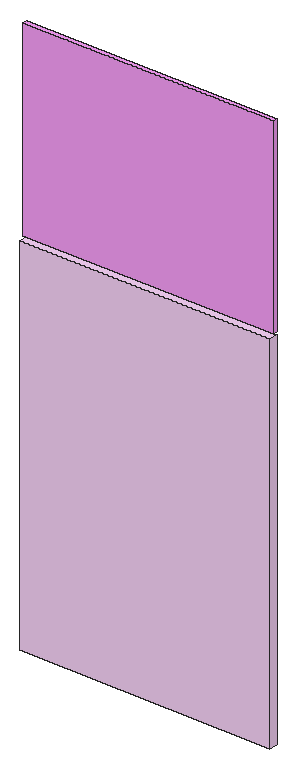
Revit family "EXP_WT-1A_CPan-025", category Curtain Panels, Revit 2021
Family settings
  OmniClass Number = 23.25.20.14.11.11.17
  OmniClass Title = Infill Panels
  Always vertical = Yes
  Cut with Voids When Loaded = No
  Shared = No
Parameters (values of type "H2 = 8'  5 1/2"")
  UI-UnitNumber [instance] = "01"
  UI-Quadrant [instance] = "SE"
  UI-ProjectAbbreviation = "NEU"
  UI-ItemCategory = "PID"
  UI-FloorNumber [instance] = "03"
  PNT-WallType = "WT1A"
  PNT-ProjectAbbreviation = "NEU"
  PNT-PanelType [instance] = "01"
  PNT-ItemCategory = "PNL"
  GlassSPH2(x2) [instance] = 0' - 2 3/16"
  GlassSPH1 [instance] = 0' - 1 1/8"
  GlassH2 [instance] = IG-1F(Glass)
  GlassH1 [instance] = IG-3F(Glass)
  Define Thermal Properties by = Schematic Type
  CellSp = 0' - 10 3/16"
  CellL [instance] = 6' - 2"
  CellH2 = 8' - 5 1/2"
  CellH1 [instance] = CellH - CellH2  # 4' - 5 1/2"
  CellH [instance] = 12' - 11"
  CellAngle [instance] = 45.00°
  Analytic Construction = "<None>"
Reference planes (in)
  plane 1 "Center (Front/Back)": y = 0
  plane 2: z = 0
  plane 3 "Center (Left/Right)": x = 0
  plane 4 "Left": x = -37
  plane 5 "Right": x = 37
  plane 6 "Top": z = 155
  plane 7: z = 101.5
  plane 8: y = -10.1875
Forms (in)
  Extrusion 1, solid, material "IG-1F(Glass)" <- "GlassH2", detail levels coarse+medium
    sketch origin (0, 0, 0) x (1, 0, 0) y (0, 1, 0)
      loop
        line (37, 0) -> (-37, 0) -> (-26.8125, -10.1875) -> (37, -10.1875) -> (37, 0)
    from 0 to 101.5
  Extrusion 2, solid, material "IG-3F(Glass)" <- "GlassH1", detail levels coarse+medium
    sketch origin (0, 0, 0) x (1, 0, 0) y (0, 1, 0)
      loop
        line (37, 0) -> (-37, 0) -> (-26.8125, -10.1875) -> (37, -10.1875) -> (37, 0)
    from 101.5 to 155
Lines and regions (in)
  reference lines
    curve 1: line (-37, 0, 0) -> (-2.35177, -34.64823, 0)
Text (in)
  text "Exterior" at (-92.59733, 55.75508, 0), in view "Ref. Level"
  text "Exterior" at (0, 90.18664, 173.49264), in view "Left"
  text "Exterior" at (0, 52.29083, 162.21847), in view "Right"
Dimensions and locks (in)
  equal spacing: plane 4 "Left", plane 3 "Center (Left/Right)", plane 5 "Right"  (x2)
  "CellH2": plane 2 to plane 7
  "CellH1": plane 7 to plane 6 "Top"
  "CellL": plane 4 "Left" to plane 5 "Right"
  "CellH": plane 2 to plane 6 "Top"
  "CellSp": plane 8 to plane 1 "Center (Front/Back)"
  "CellAngle": angle curve 1 to plane 1 "Center (Front/Back)"
  aligned and locked: level to plane 2
  aligned and locked: Extrusion 1 sketch curve to plane 1 "Center (Front/Back)"
  aligned and locked: Extrusion 1 sketch curve to plane 8
  aligned and locked: Extrusion 1 sketch curve to curve 1
  aligned and locked: Extrusion 1 sketch curve to plane 5 "Right"
  aligned and locked: plane 7 to Extrusion 1
  aligned and locked: Extrusion 1 to plane 2
  aligned and locked: Extrusion 2 sketch curve to plane 1 "Center (Front/Back)"
  aligned and locked: Extrusion 2 sketch curve to plane 8
  aligned and locked: Extrusion 2 sketch curve to curve 1
  aligned and locked: Extrusion 2 sketch curve to plane 5 "Right"
  aligned and locked: Extrusion 2 to plane 6 "Top"
  aligned and locked: Extrusion 2 to plane 7
  aligned and locked: nested 1 to curve 1
  aligned and locked: Extrusion 1 to nested 1
  aligned and locked: nested 1 to Extrusion 1
  aligned and locked: Extrusion 2 to nested 2
  aligned and locked: nested 2 to Extrusion 2
  aligned and locked: nested 2 to level
  aligned and locked: plane 1 "Center (Front/Back)" to nested 3
  aligned and locked: plane 5 "Right" to nested 3
  aligned and locked: plane 4 "Left" to nested 3
  aligned and locked: plane 2 to Extrusion 1
  aligned and locked: nested 3 to plane 6 "Top"
  aligned and locked: plane 1 "Center (Front/Back)" to nested 4
  aligned and locked: nested 4 to plane 6 "Top"
  aligned and locked: plane 7 to nested 4
  aligned and locked: plane 5 "Right" to nested 4
  aligned and locked: plane 4 "Left" to nested 4
  aligned and locked: plane 1 "Center (Front/Back)" to nested 5
  aligned and locked: plane 7 to nested 5
  aligned and locked: plane 2 to nested 5
  aligned and locked: plane 5 "Right" to nested 5
  aligned and locked: plane 4 "Left" to nested 5
Automatic sketch dimensions
  plane 1 "Center (Front/Back)" to curve 1 = 0' - 0"
  curve 1 to plane 4 "Left" = 0' - 0"
Nested families (in)
  nested 1: "EXP_WT-1A_DetO-002" at (-37, 0, 0), CellAngle <- "CellAngle", type "EXP_WT-1A_DetO-002"
    with built-in parameter 1001306 6.1667 (stored number, unit not read), CellAngle 45.00°
  nested 2: "EXP_WT-1A_DetO-003" at (0, 0, 155) x (0, 0, -1) z (1, 0, 0), CellH1 <- "CellH1", CellH2 <- "CellH2", type "EXP_WT-1A_DetO-003"
    with built-in parameter 1001306 12.917 (stored number, unit not read), CellH2 8' - 5 1/2", CellH1 4' - 5 1/2"
  nested 3: "EXP_xx_DetO-002" at (0, 0, 0), CellH <- "CellH", CellL <- "CellL", type "EXP_xx_DetO-002", detail levels coarse
    with CellL 6' - 2", CellH 12' - 11"
  nested 4: "EXP_WT-1x_IG-003" at (0, 0, 128.25), MaterialGlass <- "GlassH1", GlassSP <- "GlassSPH1", type "A = 78_GlassSP = H1", detail levels fine
    with MaterialGlass IG-3F(Glass), GlassSP 0' - 1 1/8", GlassL 5' - 7.93701", GlassH 4' - 3 13/16", CellL 6' - 2", CellH 4' - 5 1/2"
  nested 5: "EXP_WT-1x_IG-003" at (0, 0, 50.75), MaterialGlass <- "GlassH2", GlassSP <- "GlassSPH2(x2)", type "A = 78_GlassSP = H2(x2)", detail levels fine
    with MaterialGlass IG-1F(Glass), GlassSP 0' - 2 3/16", GlassL 5' - 7.93701", GlassH 8' - 3.56299", CellL 6' - 2", CellH 8' - 5 1/2"
Definition of nested family "EXP_WT-1x_IG-003"
  Parameters (values of type "A = 90_H2(x2) _ GlassSP = 2 1/8"")
    MaterialGlass [instance] = none
    GlassSP [instance] = 0' - 2.12598"
    GlassL [instance] = CellL - (GlassD1 + GlassD3)  # 3' - 7.69291"
    GlassH [instance] = CellH - (GlassD2 + GlassD4)  # 6' - 6.64788"
    GlassD4 = 0' - 1.43701"
    GlassD3 = 0' - 0.93701"
    GlassD2 = 0' - 0 1/2"
    GlassD1 = 0' - 4.18898"
    GMPI-ProjectAbbreviation = "NEU"
    GMPI-IteamCategory = "GLS"
    Default Elevation = 0' - 0"
    CellL [instance] = 4' - 0.8189"
    CellH [instance] = 6' - 8.58489"
  Types (20): name | GlassSP | GlassL | GlassH | GlassD4 | GlassD2 | GlassD1
    A = 90_H2(x2) _ GlassSP = 2 1/8" | 0' - 2.12598" | 3' - 7.69291" | 6' - 6.64788" | 0' - 1.43701" | 0' - 0 1/2" | 0' - 4.18898"
    A = 90_H1 _ GlassSP = 1 1/4" | 0' - 1 1/4" | 3' - 7.69291" | 6' - 6.89739" | 0' - 0 1/4" | 0' - 1 7/16" | 0' - 4.18898"
    A = 90_H2(x3) _ GlassSP = 2 1/8" | 0' - 2.12598" | 3' - 7.69291" | 6' - 7.83489" | 0' - 0 1/4" | 0' - 0 1/2" | 0' - 4.18898"
    A = 90_H3 _ GlassSP = 1 1/4" | 0' - 1 1/4" | 3' - 7.69291" | 6' - 6.64788" | 0' - 1.43701" | 0' - 0 1/2" | 0' - 4.18898"
    A = 90_H _ GlassSP = 1 1/4" | 0' - 1 1/4" | 3' - 7.69291" | 6' - 5.71088" | 0' - 1.43701" | 0' - 1.43701" | 0' - 4.18898"
    A = 78_H _ GlassSP = 1 1/4" | 0' - 1 1/4" | 3' - 6.75591" | 6' - 5.71088" | 0' - 1.43701" | 0' - 1.43701" | 0' - 5.12598"
    A = 78_H1 _ GlassSP = 1 1/4" | 0' - 1 1/4" | 3' - 6.75591" | 6' - 6.89739" | 0' - 0 1/4" | 0' - 1 7/16" | 0' - 5.12598"
    A = 78_H2(x2) _ GlassSP = 2 1/8" | 0' - 2.12598" | 3' - 6.75591" | 6' - 6.64788" | 0' - 1.43701" | 0' - 0 1/2" | 0' - 5.12598"
    A = 78_H2(x3) _ GlassSP = 2 1/8" | 0' - 2.12598" | 3' - 6.75591" | 6' - 7.83489" | 0' - 0 1/4" | 0' - 0 1/2" | 0' - 5.12598"
    A = 78_H3 _ GlassSP = 1 1/4" | 0' - 1 1/4" | 3' - 6.75591" | 6' - 6.64788" | 0' - 1.43701" | 0' - 0 1/2" | 0' - 5.12598"
    A = 90_GlassSP = H | 0' - 1 1/4" | 3' - 7.69291" | 6' - 5.71088" | 0' - 1.43701" | 0' - 1.43701" | 0' - 4.18898"
    A = 90_ GlassSP = H3 | 0' - 1 1/4" | 3' - 7.69291" | 6' - 6.64788" | 0' - 1.43701" | 0' - 0 1/2" | 0' - 4.18898"
    A = 90_GlassSP = H2(x3) | 0' - 2.12598" | 3' - 7.69291" | 6' - 7.83489" | 0' - 0 1/4" | 0' - 0 1/2" | 0' - 4.18898"
    A = 90_GlassSP = H2(x2) | 0' - 2.12598" | 3' - 7.69291" | 6' - 6.64788" | 0' - 1.43701" | 0' - 0 1/2" | 0' - 4.18898"
    A = 90_GlassSP = H1 | 0' - 1 1/4" | 3' - 7.69291" | 6' - 6.89739" | 0' - 0 1/4" | 0' - 1 7/16" | 0' - 4.18898"
    A = 78_GlassSP = H | 0' - 1 1/4" | 3' - 6.75591" | 6' - 5.71088" | 0' - 1.43701" | 0' - 1.43701" | 0' - 5.12598"
    A = 78_ GlassSP = H3 | 0' - 1 1/4" | 3' - 6.75591" | 6' - 6.64788" | 0' - 1.43701" | 0' - 0 1/2" | 0' - 5.12598"
    A = 78_ GlassSP = H2(x3) | 0' - 2.12598" | 3' - 6.75591" | 6' - 7.83489" | 0' - 0 1/4" | 0' - 0 1/2" | 0' - 5.12598"
    A = 78_GlassSP = H2(x2) | 0' - 2.12598" | 3' - 6.75591" | 6' - 6.64788" | 0' - 1.43701" | 0' - 0 1/2" | 0' - 5.12598"
    A = 78_GlassSP = H1 | 0' - 1 1/4" | 3' - 6.75591" | 6' - 6.89739" | 0' - 0 1/4" | 0' - 1 7/16" | 0' - 5.12598"
  Reference planes (in)
    plane 1 "Center (Front/Back)": y = 0
    plane 2: z = 0
    plane 3 "Center (Left/Right)": x = 0
    plane 4: x = -24.40945
    plane 5: x = 24.40945
    plane 6: z = 40.29245
    plane 7: x = -20.22047
    plane 8: x = 23.47244
    plane 9: z = -40.29245
    plane 10: z = 39.79245
    plane 11: z = -38.85544
  Forms (in)
    Extrusion 1, solid, material <- "MaterialGlass"
      sketch origin (0, 0, 0) x (1, 0, 0) y (0, 0, 1)
        loop
          line (-20.22047, -38.85544) -> (23.47244, -38.85544) -> (23.47244, 39.79245) -> (-20.22047, 39.79245) -> (-20.22047, -38.85544)
      from 0 to 2.12598 <- "GlassSP"
  Dimensions and locks (in)
    equal spacing: plane 6, level, plane 9
    "CellH": plane 6 to plane 9
    "GlassD2": plane 6 to plane 10
    "GlassD4": plane 11 to plane 9
    equal spacing: plane 4, plane 3 "Center (Left/Right)", plane 5
    "CellL": plane 4 to plane 5
    "GlassD1": plane 4 to plane 7
    "GlassD3": plane 5 to plane 8
    aligned and locked: level to plane 2
    aligned and locked: Extrusion 1 sketch curve to plane 11
    aligned and locked: Extrusion 1 sketch curve to plane 7
    aligned and locked: plane 10 to Extrusion 1 sketch curve
    aligned and locked: plane 8 to Extrusion 1 sketch curve
Definition of nested family "EXP_WT-1A_DetO-002"
  Parameters (values of type "EXP_WT-1A_DetO-002")
    built-in parameter 1001306 [instance] = 5' - 2.99213"
    CellAngle [instance] = 45.00°
  Reference planes (in)
    plane 1 "Center (Front/Back)": y = 0
    plane 2: z = 0
    plane 3 "Left": x = 0
    plane 4 "Right": x = 62.99213
  Lines and regions (in)
    reference lines, in view "Ref. Level"
      curve 1: line (0, 0, 0) -> (62.99213, 0, 0)
      curve 17: line (0, 0, 0) -> (16.97056, -16.97056, 0)
    detail lines, in view "Ref. Level"
      curve 2: line (-0.30429, 0, 0) -> (-0.00849, 0, 0)
      curve 3: line (-0.30429, 0, 0) -> (-0.00849, 0, 0)
      curve 4: line (62.99213, -0.81795, 0) -> (62.99213, -10.1875, 0)
      curve 5: line (62.99213, -10.1875, 0) -> (60.99213, -10.1875, 0)
      curve 6: line (60.99213, -10.1875, 0) -> (60.99213, -2.43678, 0)
      curve 7: line (60.99213, -2.43678, 0) -> (62.44632, -2.43678, 0)
      curve 8: line (62.44632, -2.43678, 0) -> (62.44632, 0, 0)
      curve 9: line (62.44632, 0, 0) -> (62.74213, 0, 0)
      curve 10: line (62.74213, 0, 0) -> (62.74213, -0.81795, 0)
      curve 11: line (62.99213, -0.81795, 0) -> (62.74213, -0.81795, 0)
      curve 12: line (-0.30429, 0, 0) -> (-0.00849, 0, 0)
      curve 13: line (2.83381, 0, 0) -> (62.04971, 0, 0)
      curve 14: line (2.83381, -1.31, 0) -> (2.83381, 0, 0)
      curve 15: line (2.83381, -1.31, 0) -> (62.04971, -1.31, 0)
      curve 16: line (62.04971, -1.31, 0) -> (62.04971, 0, 0)
      curve 18: line (2.35972, -2.35972, 0) -> (10.1875, -10.1875, 0)
      curve 19: line (12.66237, -10.1875, 0) -> (10.1875, -10.1875, 0)
      curve 20: line (2.8356, -1.88308, 0) -> (4.35796, -1.88308, 0)
      curve 21: line (2.35972, -2.35972, 0) -> (2.8356, -1.88308, 0)
      curve 22: line (4.35796, -1.88308, 0) -> (12.66237, -10.1875, 0)
  Dimensions and locks (in)
    "built-in parameter 1001306": plane 3 "Left" to plane 4 "Right"
    locked: curve 17 to curve 22 at 1.75
    "CellAngle": angle curve 17 to plane 1 "Center (Front/Back)"
    aligned and locked: plane 1 "Center (Front/Back)" to curve 1
    aligned and locked: plane 3 "Left" to curve 1
    aligned and locked: plane 4 "Right" to curve 1
    aligned and locked: curve 4 to plane 4 "Right"
    aligned and locked: curve 12 to curve 1
    aligned and locked: curve 1 to curve 13
    aligned and locked: curve 5 to curve 19
    aligned and locked: curve 17 to curve 18
  Automatic sketch dimensions
    plane 1 "Center (Front/Back)" to curve 9 = 0' - 0"
    curve 9 to plane 4 "Right" = 0' - 0 1/4"
    curve 7 to plane 4 "Right" = 0' - 0.5458"
    curve 15 to curve 10 = 0' - 0.69242"
    curve 6 to curve 7 = 0' - 1.45419"
    plane 1 "Center (Front/Back)" to curve 18 = 0' - 10 3/16"
    plane 1 "Center (Front/Back)" to curve 20 = 0' - 1.88308"
    curve 14 to curve 20 = 0' - 0.00179"
    curve 2 to plane 3 "Left" = 0' - 0.00849"
    curve 3 to curve 2 = 0' - 0.2958"
    plane 1 "Center (Front/Back)" to curve 6 = 0' - 2.43678"
    curve 7 to curve 16 = 0' - 1.12678"
    plane 1 "Center (Front/Back)" to curve 11 = 0' - 0.81795"
    curve 18 to curve 22 = 0' - 0.47664"
    curve 18 to curve 13 = 0' - 0.47409"
Definition of nested family "EXP_WT-1A_DetO-003"
  Parameters (values of type "EXP_WT-1A_DetO-003")
    built-in parameter 1001306 [instance] = 12' - 11"
    CellH2 [instance] = 9' - 8"
    CellH1 [instance] = 3' - 3"
    CellH [instance] = 12' - 11"
  Reference planes (in)
    plane 1 "Center (Front/Back)": y = 0
    plane 2: z = 0
    plane 3 "Left": x = 0
    plane 4 "Right": x = 155
    plane 5: x = 39
  Lines and regions (in)
    reference lines, in view "Ref. Level"
      curve 1: line (0, 0, 0) -> (155, 0, 0)
    detail lines, in view "Ref. Level"
      curve 2: line (37.25001, -10.1875, 0) -> (37.25001, -2.41263, 0)
      curve 3: line (37.25001, -2.41263, 0) -> (40.74999, -2.41263, 0)
      curve 4: line (40.74999, -2.41263, 0) -> (40.74999, -10.1875, 0)
      curve 5: line (40.74999, -10.1875, 0) -> (37.25001, -10.1875, 0)
      curve 6: line (39.27639, -2.185, 0) -> (39.27639, 0, 0)
      curve 7: line (39.27639, 0, 0) -> (153.80789, 0, 0)
      curve 8: line (153.80789, -2.185, 0) -> (39.27639, -2.185, 0)
      curve 9: line (38.52639, -1.31, 0) -> (38.52639, 0, 0)
      curve 10: line (38.52639, 0, 0) -> (1.19241, 0, 0)
      curve 11: line (38.52639, -1.31, 0) -> (1.19241, -1.31, 0)
      curve 12: line (0, -10.1875, 0) -> (2.125, -10.1875, 0)
      curve 13: line (0, -0.81812, 0) -> (0, -10.1875, 0)
      curve 14: line (0.5, 0, 0) -> (0.5, -0.81812, 0)
      curve 15: line (0.5, 0, 0) -> (0.7958, 0, 0)
      curve 16: line (0, -0.81812, 0) -> (0.5, -0.81812, 0)
      curve 17: line (0.7958, -2.43676, 0) -> (0.7958, 0, 0)
      curve 18: line (2.125, -2.43676, 0) -> (0.7958, -2.43676, 0)
      curve 19: line (2.125, -10.1875, 0) -> (2.125, -2.43676, 0)
      curve 20: line (1.19241, -1.31, 0) -> (1.19241, 0, 0)
      curve 21: line (155, 60, 0) -> (155, -10.1875, 0)
      curve 22: line (155, -10.1875, 0) -> (151.625, -10.1875, 0)
      curve 23: line (151.625, -10.1875, 0) -> (151.625, -2.43679, 0)
      curve 24: line (151.625, -2.43679, 0) -> (154.2042, -2.43679, 0)
      curve 25: line (154.2042, -2.43679, 0) -> (154.2042, 0, 0)
      curve 26: line (154.5, 0, 0) -> (154.5, -0.81812, 0)
      curve 27: line (154.2042, 0, 0) -> (154.5, 0, 0)
      curve 28: line (155, -0.81812, 0) -> (154.5, -0.81812, 0)
      curve 29: line (155, -0.81812, 0) -> (155, -10.1875, 0)
      curve 30: line (153.80789, -2.185, 0) -> (153.80789, 0, 0)
  Dimensions and locks (in)
    "built-in parameter 1001306": plane 3 "Left" to plane 4 "Right"
    "CellH": plane 3 "Left" to plane 4 "Right"
    "CellH2": plane 5 to plane 4 "Right"
    "CellH1": plane 3 "Left" to plane 5
    aligned and locked: plane 1 "Center (Front/Back)" to curve 1
    aligned and locked: plane 3 "Left" to curve 1
    aligned and locked: plane 4 "Right" to curve 1
    aligned and locked: curve 1 to curve 7
    aligned and locked: curve 10 to plane 1 "Center (Front/Back)"
    aligned and locked: curve 13 to plane 3 "Left"
    aligned and locked: curve 1 to curve 15
    aligned and locked: curve 21 to plane 4 "Right"
    aligned and locked: curve 29 to plane 4 "Right"
    aligned and locked: curve 5 to curve 12
    aligned and locked: curve 22 to curve 5
  Automatic sketch dimensions
    plane 5 to curve 3 = 0' - 1 3/4"
    plane 1 "Center (Front/Back)" to curve 3 = 0' - 2.41263"
    curve 5 to plane 5 = 0' - 1 3/4"
    plane 5 to curve 6 = 0' - 0.27639"
    curve 6 to curve 6 = 0' - 2.185"
    curve 9 to plane 5 = 0' - 0.47361"
    plane 1 "Center (Front/Back)" to curve 13 = 0' - 0.81812"
    plane 3 "Left" to curve 14 = 0' - 0 1/2"
    curve 14 to curve 17 = 0' - 0.2958"
    curve 17 to curve 18 = 0' - 1.3292"
    curve 18 to curve 14 = 0' - 1.61864"
    curve 14 to curve 20 = 0' - 0.69242"
    curve 20 to curve 14 = 0' - 0.49188"
    curve 21 to plane 1 "Center (Front/Back)" = 5' - 0"
    curve 24 to curve 24 = 0' - 2.5792"
    plane 1 "Center (Front/Back)" to curve 27 = 0' - 0"
    curve 25 to curve 26 = 0' - 0.2958"
    curve 28 to curve 28 = 0' - 0 1/2"
    curve 30 to curve 24 = 0' - 0.39631"
    curve 24 to curve 30 = 0' - 0.25179"
    plane 1 "Center (Front/Back)" to curve 26 = 0' - 0.81812"
    curve 22 to curve 24 = 0' - 7.75071"
Definition of nested family "EXP_xx_DetO-002"
  Parameters (values of type "EXP_xx_DetO-002")
    Default Elevation = 0' - 0"
    CellL [instance] = 5' - 4.56693"
    CellH [instance] = 5' - 2.99213"
  Reference planes (in)
    plane 1 "Center (Front/Back)": y = 0
    plane 2: z = 0
    plane 3 "Center (Left/Right)": x = 0
    plane 4: x = -32.28346
    plane 5: x = 32.28346
    plane 6: z = 62.99213
  Lines and regions (in)
    model lines
      curve 1: line (-32.28346, 0, 62.99213) -> (32.28346, 0, 0)
      curve 2: line (32.28346, 0, 62.99213) -> (-32.28346, 0, 0)
  Dimensions and locks (in)
    "CellH": plane 6 to level
    equal spacing: plane 4, plane 3 "Center (Left/Right)", plane 5
    "CellL": plane 4 to plane 5
    aligned and locked: level to plane 2
  Automatic sketch dimensions
    curve 2 to level = 0' - 0"
    plane 4 to curve 2 = 0' - 0"
    plane 4 to curve 1 = 0' - 0"
    plane 5 to curve 2 = 0' - 0"
    curve 1 to level = 0' - 0"
    plane 5 to curve 1 = 0' - 0"
    curve 2 to plane 6 = 0' - 0"
    curve 1 to plane 6 = 0' - 0"
